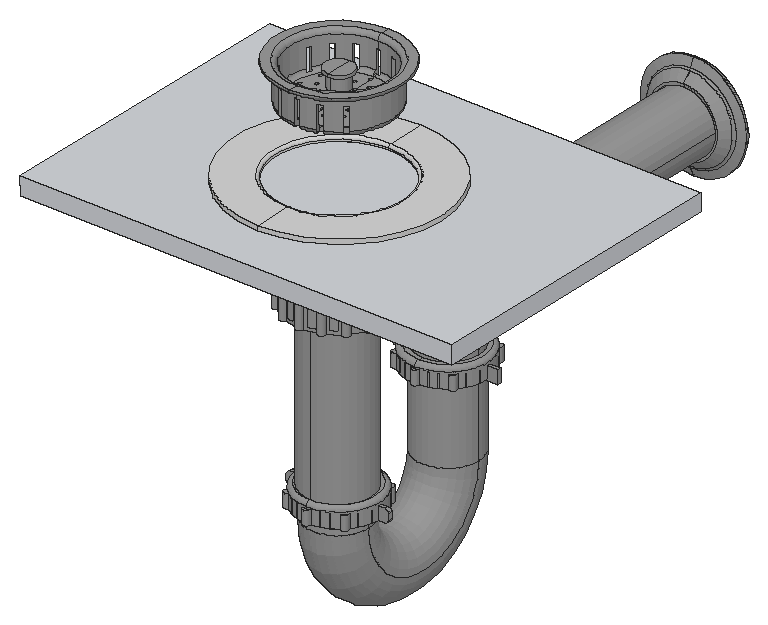
Revit family "45-CANASTILLA 4P CROMADO + SIFON EN P", category Aparatos sanitarios, Revit 2018
Family settings
  Anfitrión = Cara
  Cota de conector redondo = Diámetro de uso
  Tipo de pieza = Normal
  Número OmniClass = 23.45.55.21
  Título OmniClass = Drains (Wastes)
  Corte con vacíos al cargar = No
  Compartido = No
  Punto de cálculo de habitación = No
Parameters
  Vida útil unidad = ""
  Vida útil = ""
  URL = ""
  Tráfico = "Residencial"
  Tipo de Activo = "Fijo"
  Tamaño = "114 x 38 x 155,1"
  Responsable Garantías Partes = "www.corona.com.co"
  Requerimientos Accesibilidad = "Manual"
  Número Modelo = "935180001"
  Nombre del Fabricante = "Corona"
  Nombre = "Canastilla 4”"
  Model = ""
  Material de Fabricación = Plastico Corona plomería
  Material Acabado = Cromo-Corona
  Logitud Nominal = 155
  Información del producto = "https://www.grival.com/soluciones-para-agua/desagues-y-sifones/kits-lavamanos-y-lavaplatos/canastilla-para-lavaplatos-4-pulgadas-con-sifon-en-p-2/"
  Forma = "Cilíndrica"
  Fabricante = "www.corona.com.co"
  Default Elevation = 0 mm
  Diámetro de conexión sanitaria = "1 1/2\""
  Diámetro de conexión entrada = "Para pocetas de lavaplatos de 4 Pulg."
  Descripción IFC = "Canastilla 4” con sosco más sifón en P"
  Descripción = "Plumbing Fixtures"
  Código de montaje = "D2010"
  Cumplimiento de Norma = "Flujo mínimo de descarga 27l/min. cumple norma NTC 1644"
  Color = "Gris"
  Caudal = ""
  Características = "Resistente a la corrosión"
  Ancho Nominal = 38
  Altura Nominal = 130.9
  Acabado = "Brillante"
Reference planes
  plane 1 "Center (Front/Back)": y = 0
  plane 2: z = 0
  plane 3 "Center (Left/Right)": x = 0
  plane 4: y = 0.661
  plane 5: y = -0.661
  plane 6: x = 0
  plane 7: y = 0
  plane 8: y = -0.661
  plane 9: y = 0.661
  plane 10: y = 0
  plane 11 "Conexiones": y = 248.062
  plane 12: y = 37.781
  plane 13: y = 1
  plane 14: y = -1
  plane 15: y = 1
  plane 16: y = -1
  plane 17: y = 76.469
  plane 18: y = 74.469
  plane 19: z = -76.031
  plane 20: z = -223.567
  plane 21: y = -56.991
Forms (mm)
  Extrusion 1, solid
    sketch origin (0, 0, 0) x (1, 0, 0) y (0, 1, 0)
      loop
        line (-110.723, 90) -> (-110.723, -83.811) -> (129.852, -83.811) -> (129.852, 90) -> (-110.723, 90)
    from 0 to -9.713
  Revolve 2, solid, material "Plastico Corona plomería", detail levels medium+fine
    sketch origin (0, 0, 0) x (0, 1, 0) y (0, 0, 1)
      loop
        line (42, 0) -> (34.828, 0) -> (34.828, -14.055)
        arc (34.828, -14.055) -> (33.164, -18.071) -> (29.148, -19.734) r 5.679
        line (29.148, -19.734) -> (17.614, -19.734)
        arc (17.614, -19.734) -> (16.69, -20.117) -> (16.307, -21.042) r 1.307
        line (16.307, -21.042) -> (16.307, -38.863)
        arc (16.307, -38.863) -> (16.052, -39.479) -> (15.436, -39.734) r 0.871
        line (15.436, -39.734) -> (0, -39.734) -> (0, -155) -> (17.405, -155) -> (17.405, -43.601) -> (24.464, -31.373) -> (38.009, -26.443) -> (38.009, -22.996) -> (40.592, -20.414) -> (42, -12.426) -> (42.862, -12.426) -> (42.862, -7.535) -> (45.812, -2.426) -> (42, -2.426) -> (42, 0)
      axis (-1.25, 0) -> (-1.25, -155)
    angle from 0 to 360
  Revolve 3, solid, material "Plastico Corona plomería", detail levels medium+fine
    sketch origin (0, 0, 0) x (0, 1, 0) y (0, 0, 1)
      loop
        line (17.431, -46.374) -> (17.431, -62.878) -> (22.431, -62.878) -> (22.431, -61.588) -> (24.522, -61.588) -> (24.522, -59.654) -> (27.681, -59.654) -> (27.681, -46.374) -> (17.431, -46.374)
      axis (0, -46.374) -> (0, -62.878)
    angle from 0 to 360
  Extrusion 4, solid, material "Plastico Corona plomería", detail levels medium+fine
    sketch origin (0, 0, -46.374) x (0, 1, 0) y (-1, 0, 0)
      loop
        arc (24.623, 12.488) -> (22.889, 15.438) -> (20.804, 18.151) r 27.609
        arc (20.804, 18.151) -> (20.876, 21.012) -> (18.015, 21.017) r 2
        arc (18.015, 21.017) -> (15.231, 23.114) -> (12.207, 24.845) r 27.681
        arc (12.207, 24.845) -> (11.235, 27.408) -> (8.743, 26.264) r 1.876
        arc (8.743, 26.264) -> (4.754, 27.27) -> (0.661, 27.674) r 27.681
        line (0.661, 27.674) -> (0.661, 37.986) -> (-0.661, 37.986) -> (-0.661, 27.674)
        arc (-0.661, 27.674) -> (-4.754, 27.27) -> (-8.743, 26.264) r 27.681
        arc (-8.743, 26.264) -> (-11.235, 27.408) -> (-12.207, 24.845) r 1.876
        arc (-12.207, 24.845) -> (-15.231, 23.114) -> (-18.015, 21.017) r 27.681
        arc (-18.015, 21.017) -> (-20.876, 21.012) -> (-20.804, 18.151) r 2
        arc (-20.804, 18.151) -> (-22.889, 15.438) -> (-24.623, 12.488) r 27.609
        arc (-24.623, 12.488) -> (-27.372, 11.478) -> (-26.166, 8.809) r 2
        arc (-26.166, 8.809) -> (-27.088, 5.441) -> (-27.681, 2) r 36.121
        arc (-27.681, 2) -> (-29.681, 0) -> (-27.681, -2) r 2
        arc (-27.681, -2) -> (-27.079, -5.439) -> (-26.166, -8.809) r 38.365
        arc (-26.166, -8.809) -> (-27.372, -11.478) -> (-24.623, -12.488) r 2
        arc (-24.623, -12.488) -> (-22.889, -15.438) -> (-20.804, -18.151) r 27.609
        arc (-20.804, -18.151) -> (-20.876, -21.012) -> (-18.015, -21.017) r 2
        arc (-18.015, -21.017) -> (-15.231, -23.114) -> (-12.207, -24.845) r 27.681
        arc (-12.207, -24.845) -> (-11.235, -27.408) -> (-8.743, -26.264) r 1.876
        arc (-8.743, -26.264) -> (-4.754, -27.27) -> (-0.661, -27.674) r 27.681
        line (-0.661, -27.674) -> (-0.661, -37.986) -> (0.661, -37.986) -> (0.661, -27.674)
        arc (0.661, -27.674) -> (4.754, -27.27) -> (8.743, -26.264) r 27.681
        arc (8.743, -26.264) -> (11.235, -27.408) -> (12.207, -24.845) r 1.876
        arc (12.207, -24.845) -> (15.231, -23.114) -> (18.015, -21.017) r 27.681
        arc (18.015, -21.017) -> (20.876, -21.012) -> (20.804, -18.151) r 2
        arc (20.804, -18.151) -> (22.889, -15.438) -> (24.623, -12.488) r 27.609
        arc (24.623, -12.488) -> (27.372, -11.478) -> (26.166, -8.809) r 2
        arc (26.166, -8.809) -> (27.079, -5.439) -> (27.681, -2) r 38.365
        arc (27.681, -2) -> (29.681, 0) -> (27.681, 2) r 2
        arc (27.681, 2) -> (27.088, 5.441) -> (26.166, 8.809) r 36.121
        arc (26.166, 8.809) -> (27.372, 11.478) -> (24.623, 12.488) r 2
      loop
        circle (0, 0) r 26.87
    from -15.215 to 0
  Extrusion 5, void
    sketch origin (0, 0, 0) x (1, 0, 0) y (0, 0, 1)
      loop
        line (30, -46.374) -> (36.051, -53.563)
        arc (36.051, -53.563) -> (37.413, -55.842) -> (37.986, -58.435) r 8.298
        line (37.986, -58.435) -> (37.986, -61.502) -> (41.187, -61.502) -> (41.187, -46.374) -> (30, -46.374)
      loop
        line (-30, -46.374) -> (-41.187, -46.374) -> (-41.187, -61.502) -> (-37.986, -61.502) -> (-37.986, -58.435)
        arc (-37.986, -58.435) -> (-37.413, -55.842) -> (-36.051, -53.563) r 8.298
        line (-36.051, -53.563) -> (-30, -46.374)
    from -2.899 to 2.618
  Extrusion 6, solid, material "Cromo-Corona", detail levels medium+fine
    sketch origin (0.002, 0.148, 0) x (-1, 0, 0) y (0, 0, 1)
      loop
        line (45.812, -2.426) -> (42.862, -7.535) -> (42.862, -12.426) -> (45.812, -12.426) -> (45.812, -2.426)
    from -1.647 to 1.35
  Extrusion 7, solid, material "Cromo-Corona", detail levels medium+fine
    sketch origin (0.002, 0.148, 0) x (1, 0, 0) y (0, 0, -1)
      loop
        line (45.812, 2.426) -> (45.812, 12.426) -> (42.862, 12.426) -> (42.862, 7.535) -> (45.812, 2.426)
    from -1.647 to 1.35
  Extrusion 8, solid, material "Cromo-Corona", detail levels medium+fine
    sketch origin (-0.073, 0.128, 0) x (-0.866025, -0.5, 0) y (0, 0, 1)
      loop
        line (45.812, -2.426) -> (42.862, -7.535) -> (42.862, -12.426) -> (45.812, -12.426) -> (45.812, -2.426)
    from -1.647 to 1.35
  Extrusion 9, solid, material "Cromo-Corona", detail levels medium+fine
    sketch origin (-0.073, 0.128, 0) x (0.866025, 0.5, 0) y (0, 0, -1)
      loop
        line (45.812, 2.426) -> (45.812, 12.426) -> (42.862, 12.426) -> (42.862, 7.535) -> (45.812, 2.426)
    from -1.647 to 1.35
  Extrusion 10, solid, material "Cromo-Corona", detail levels medium+fine
    sketch origin (-0.127, 0.074, 0) x (-0.5, -0.866025, 0) y (0, 0, 1)
      loop
        line (45.812, -2.426) -> (42.862, -7.535) -> (42.862, -12.426) -> (45.812, -12.426) -> (45.812, -2.426)
    from -1.647 to 1.35
  Extrusion 11, solid, material "Cromo-Corona", detail levels medium+fine
    sketch origin (-0.127, 0.074, 0) x (0.5, 0.866025, 0) y (0, 0, -1)
      loop
        line (45.812, 2.426) -> (45.812, 12.426) -> (42.862, 12.426) -> (42.862, 7.535) -> (45.812, 2.426)
    from -1.647 to 1.35
  Extrusion 12, solid, material "Cromo-Corona", detail levels medium+fine
    sketch origin (-0.147, 0, 0) x (0, -1, 0) y (0, 0, 1)
      loop
        line (45.812, -2.426) -> (42.862, -7.535) -> (42.862, -12.426) -> (45.812, -12.426) -> (45.812, -2.426)
    from -1.647 to 1.35
  Extrusion 13, solid, material "Cromo-Corona", detail levels medium+fine
    sketch origin (-0.147, 0, 0) x (0, 1, 0) y (0, 0, -1)
      loop
        line (45.812, 2.426) -> (45.812, 12.426) -> (42.862, 12.426) -> (42.862, 7.535) -> (45.812, 2.426)
    from -1.647 to 1.35
  Extrusion 14, solid, material "Cromo-Corona", detail levels medium+fine
    sketch origin (-0.127, -0.074, 0) x (0.5, -0.866025, 0) y (0, 0, 1)
      loop
        line (45.812, -2.426) -> (42.862, -7.535) -> (42.862, -12.426) -> (45.812, -12.426) -> (45.812, -2.426)
    from -1.647 to 1.35
  Extrusion 15, solid, material "Cromo-Corona", detail levels medium+fine
    sketch origin (-0.127, -0.074, 0) x (-0.5, 0.866025, 0) y (0, 0, -1)
      loop
        line (45.812, 2.426) -> (45.812, 12.426) -> (42.862, 12.426) -> (42.862, 7.535) -> (45.812, 2.426)
    from -1.647 to 1.35
  Extrusion 16, solid, material "Cromo-Corona", detail levels medium+fine
    sketch origin (-0.073, -0.128, 0) x (0.866025, -0.5, 0) y (0, 0, 1)
      loop
        line (45.812, -2.426) -> (42.862, -7.535) -> (42.862, -12.426) -> (45.812, -12.426) -> (45.812, -2.426)
    from -1.647 to 1.35
  Extrusion 17, solid, material "Cromo-Corona", detail levels medium+fine
    sketch origin (-0.073, -0.128, 0) x (-0.866025, 0.5, 0) y (0, 0, -1)
      loop
        line (45.812, 2.426) -> (45.812, 12.426) -> (42.862, 12.426) -> (42.862, 7.535) -> (45.812, 2.426)
    from -1.647 to 1.35
  Sweep 18, solid, material "Plastico Corona plomería", detail levels medium+fine
    path origin (0, 0, 0) x (0, 1, 0) y (0, 0, 1)
      loop
        line (248.062, -76.25) -> (110.562, -76.25)
        arc (110.562, -76.25) -> (85.813, -86.501) -> (75.562, -111.25) r 35
        line (75.562, -111.25) -> (75.562, -167.219)
        arc (75.562, -167.219) -> (37.312, -205.469) -> (-0.938, -167.219) r 38.25
        line (-0.938, -167.219) -> (-0.938, -150)
    profile origin (0, 179.312, -76.25) x (0, 0, -1) y (1, 0, 0)
      loop
        circle (0, 0) r 17.432
  Revolve 19, solid, material "Plastico Corona plomería", detail levels medium+fine
    sketch origin (0, 0, 0) x (0, 1, 0) y (0, 0, 1)
      loop
        line (248.062, -58.59) -> (248.062, -46.588) -> (246.957, -46.588) -> (245.247, -51.286)
        arc (245.247, -51.286) -> (244.841, -51.923) -> (244.205, -52.329) r 1.744
        line (244.205, -52.329) -> (240.091, -57.165) -> (240.091, -58.59) -> (248.062, -58.59)
      axis (248.062, -76.318) -> (240.091, -76.318)
    angle from 0 to 360
  Revolve 20, solid, material "Plastico Corona plomería", detail levels medium+fine
    sketch origin (0, 0, 0) x (0, 1, 0) y (0, 0, 1)
      loop
        line (0, -150.67) -> (0, -161.405) -> (22.617, -161.405) -> (22.617, -153.052)
        arc (22.617, -153.052) -> (21.919, -151.368) -> (20.234, -150.67) r 2.383
        line (20.234, -150.67) -> (0, -150.67)
      axis (0, -150.67) -> (0, -161.405)
    angle from 0 to 360
  Extrusion 21, solid, material "Plastico Corona plomería", detail levels medium+fine
    sketch origin (0, 0, -154.034) x (0, 1, 0) y (-1, 0, 0)
      loop
        arc (17.276, 14.459) -> (17.407, 17.407) -> (14.459, 17.276) r 2
        arc (14.459, 17.276) -> (8.16, 20.998) -> (1, 22.506) r 22.528
        line (1, 22.506) -> (1, 29.01) -> (-1, 29.01) -> (-1, 22.506)
        arc (-1, 22.506) -> (-8.16, 20.998) -> (-14.459, 17.276) r 22.528
        arc (-14.459, 17.276) -> (-17.407, 17.407) -> (-17.276, 14.459) r 2
        arc (-17.276, 14.459) -> (-20.813, 8.621) -> (-22.44, 1.992) r 22.528
        arc (-22.44, 1.992) -> (-24.617, 0) -> (-22.44, -1.992) r 2
        arc (-22.44, -1.992) -> (-20.813, -8.621) -> (-17.276, -14.459) r 22.528
        arc (-17.276, -14.459) -> (-17.407, -17.407) -> (-14.459, -17.276) r 2
        arc (-14.459, -17.276) -> (-8.16, -20.998) -> (-1, -22.506) r 22.528
        line (-1, -22.506) -> (-1, -28.731) -> (1, -28.731) -> (1, -22.506)
        arc (1, -22.506) -> (8.16, -20.998) -> (14.459, -17.276) r 22.528
        arc (14.459, -17.276) -> (17.407, -17.407) -> (17.276, -14.459) r 2
        arc (17.276, -14.459) -> (20.813, -8.621) -> (22.44, -1.992) r 22.528
        arc (22.44, -1.992) -> (24.617, 0) -> (22.44, 1.992) r 2
        arc (22.44, 1.992) -> (20.813, 8.621) -> (17.276, 14.459) r 22.528
    from 0 to -7.372
  Extrusion 22, void
    sketch origin (0, 0, 0) x (1, 0, 0) y (0, 0, 1)
      loop
        line (-26.524, -154.034) -> (-26.524, -151.89) -> (-30.786, -151.89) -> (-30.786, -163.401) -> (-26.524, -163.401) -> (-26.524, -161.405)
        arc (-26.524, -161.405) -> (-29.095, -157.72) -> (-26.524, -154.034) r 3.928
    from -1.73 to 2.028
  Extrusion 23, void
    sketch origin (0, 0, 0) x (-1, 0, 0) y (0, 0, -1)
      loop
        arc (-26.524, 154.034) -> (-29.095, 157.72) -> (-26.524, 161.405) r 3.928
        line (-26.524, 161.405) -> (-26.524, 163.401) -> (-30.786, 163.401) -> (-30.786, 151.89) -> (-26.524, 151.89) -> (-26.524, 154.034)
    from -1.73 to 2.028
  Revolve 24, solid, material "Plastico Corona plomería", not visible, detail levels medium+fine
    sketch origin (0, 0, 0) x (0, 1, 0) y (0, 0, 1)
      loop
        line (0, -150.67) -> (0, -161.405) -> (22.617, -161.405) -> (22.617, -153.052)
        arc (22.617, -153.052) -> (21.919, -151.368) -> (20.234, -150.67) r 2.383
        line (20.234, -150.67) -> (0, -150.67)
      axis (0, -150.67) -> (0, -161.405)
    angle from 0 to 360
  Extrusion 25, solid, material "Plastico Corona plomería", not visible, detail levels medium+fine
    sketch origin (0, 0, -154.034) x (0, 1, 0) y (-1, 0, 0)
      loop
        arc (17.276, 14.459) -> (17.407, 17.407) -> (14.459, 17.276) r 2
        arc (14.459, 17.276) -> (8.16, 20.998) -> (1, 22.506) r 22.528
        line (1, 22.506) -> (1, 29.01) -> (-1, 29.01) -> (-1, 22.506)
        arc (-1, 22.506) -> (-8.16, 20.998) -> (-14.459, 17.276) r 22.528
        arc (-14.459, 17.276) -> (-17.407, 17.407) -> (-17.276, 14.459) r 2
        arc (-17.276, 14.459) -> (-20.813, 8.621) -> (-22.44, 1.992) r 22.528
        arc (-22.44, 1.992) -> (-24.617, 0) -> (-22.44, -1.992) r 2
        arc (-22.44, -1.992) -> (-20.813, -8.621) -> (-17.276, -14.459) r 22.528
        arc (-17.276, -14.459) -> (-17.407, -17.407) -> (-14.459, -17.276) r 2
        arc (-14.459, -17.276) -> (-8.16, -20.998) -> (-1, -22.506) r 22.528
        line (-1, -22.506) -> (-1, -28.731) -> (1, -28.731) -> (1, -22.506)
        arc (1, -22.506) -> (8.16, -20.998) -> (14.459, -17.276) r 22.528
        arc (14.459, -17.276) -> (17.407, -17.407) -> (17.276, -14.459) r 2
        arc (17.276, -14.459) -> (20.813, -8.621) -> (22.44, -1.992) r 22.528
        arc (22.44, -1.992) -> (24.617, 0) -> (22.44, 1.992) r 2
        arc (22.44, 1.992) -> (20.813, 8.621) -> (17.276, 14.459) r 22.528
    from 0 to -7.372
  Revolve 26, solid, material "Plastico Corona plomería", detail levels medium+fine
    sketch origin (0, 75.469, 36.875) x (0, 1, 0) y (0, 0, 1)
      loop
        line (0, -150.67) -> (0, -161.405) -> (22.617, -161.405) -> (22.617, -153.052)
        arc (22.617, -153.052) -> (21.919, -151.368) -> (20.234, -150.67) r 2.383
        line (20.234, -150.67) -> (0, -150.67)
      axis (0, -150.67) -> (0, -161.405)
    angle from 0 to 360
  Extrusion 27, solid, material "Plastico Corona plomería", detail levels medium+fine
    sketch origin (0, 75.469, -117.159) x (0, 1, 0) y (-1, 0, 0)
      loop
        arc (17.276, 14.459) -> (17.407, 17.407) -> (14.459, 17.276) r 2
        arc (14.459, 17.276) -> (8.16, 20.998) -> (1, 22.506) r 22.528
        line (1, 22.506) -> (1, 29.01) -> (-1, 29.01) -> (-1, 22.506)
        arc (-1, 22.506) -> (-8.16, 20.998) -> (-14.459, 17.276) r 22.528
        arc (-14.459, 17.276) -> (-17.407, 17.407) -> (-17.276, 14.459) r 2
        arc (-17.276, 14.459) -> (-20.813, 8.621) -> (-22.44, 1.992) r 22.528
        arc (-22.44, 1.992) -> (-24.617, 0) -> (-22.44, -1.992) r 2
        arc (-22.44, -1.992) -> (-20.813, -8.621) -> (-17.276, -14.459) r 22.528
        arc (-17.276, -14.459) -> (-17.407, -17.407) -> (-14.459, -17.276) r 2
        arc (-14.459, -17.276) -> (-8.16, -20.998) -> (-1, -22.506) r 22.528
        line (-1, -22.506) -> (-1, -28.731) -> (1, -28.731) -> (1, -22.506)
        arc (1, -22.506) -> (8.16, -20.998) -> (14.459, -17.276) r 22.528
        arc (14.459, -17.276) -> (17.407, -17.407) -> (17.276, -14.459) r 2
        arc (17.276, -14.459) -> (20.813, -8.621) -> (22.44, -1.992) r 22.528
        arc (22.44, -1.992) -> (24.617, 0) -> (22.44, 1.992) r 2
        arc (22.44, 1.992) -> (20.813, 8.621) -> (17.276, 14.459) r 22.528
    from 0 to -7.372
  Revolve 28, solid, material "Plastico Corona plomería", detail levels medium+fine
    sketch origin (0, 0, 15.447) x (0, 1, 0) y (0, 0, 1)
      loop
        arc (33.44, 43.196) -> (34.559, 43.763) -> (34.764, 45) r 1.388
        line (34.764, 45) -> (29.828, 45)
        arc (29.828, 45) -> (28.029, 44.255) -> (27.284, 42.456) r 2.544
        line (27.284, 42.456) -> (27.284, 27.456)
        arc (27.284, 27.456) -> (26.615, 25.841) -> (25, 25.172) r 2.284
        line (25, 25.172) -> (2.862, 25.172) -> (2.862, 31.307) -> (5.669, 31.307) -> (5.669, 39.436) -> (7.658, 39.436) -> (7.658, 41.028) -> (0, 41.028) -> (0, 18.955) -> (2.862, 18.955) -> (2.862, 23.196) -> (27.284, 23.196)
        arc (27.284, 23.196) -> (28.659, 23.766) -> (29.148, 25.172) r 1.819
        line (29.148, 25.172) -> (29.148, 41.724)
        arc (29.148, 41.724) -> (29.58, 42.765) -> (30.621, 43.196) r 1.472
        line (30.621, 43.196) -> (33.44, 43.196)
      axis (0, 45) -> (0, 18.955)
    angle from 0 to 360
  Extrusion 29, void
    sketch origin (0, 0, 15.447) x (0, 1, 0) y (0, 0, 1)
      loop
        line (30.017, 38.053) -> (26.405, 38.053) -> (26.405, 22.313) -> (30.017, 22.313) -> (30.017, 38.053)
    from -1.558 to 1.551
  Extrusion 30, void
    sketch origin (0, 0, 15.447) x (0, -1, 0) y (0, 0, -1)
      loop
        line (30.017, -38.053) -> (30.017, -22.313) -> (26.405, -22.313) -> (26.405, -38.053) -> (30.017, -38.053)
    from -1.558 to 1.551
  Extrusion 31, void
    sketch origin (0, 0.001, 15.447) x (-0.382683, 0.92388, 0) y (0, 0, 1)
      loop
        line (30.017, 38.053) -> (26.405, 38.053) -> (26.405, 22.313) -> (30.017, 22.313) -> (30.017, 38.053)
    from -1.558 to 1.551
  Extrusion 32, void
    sketch origin (0, 0.001, 15.447) x (0.382683, -0.92388, 0) y (0, 0, -1)
      loop
        line (30.017, -38.053) -> (30.017, -22.313) -> (26.405, -22.313) -> (26.405, -38.053) -> (30.017, -38.053)
    from -1.558 to 1.551
  Extrusion 33, void
    sketch origin (-0.001, 0.002, 15.447) x (-0.707107, 0.707107, 0) y (0, 0, 1)
      loop
        line (30.017, 38.053) -> (26.405, 38.053) -> (26.405, 22.313) -> (30.017, 22.313) -> (30.017, 38.053)
    from -1.558 to 1.551
  Extrusion 34, void
    sketch origin (-0.001, 0.002, 15.447) x (0.707107, -0.707107, 0) y (0, 0, -1)
      loop
        line (30.017, -38.053) -> (30.017, -22.313) -> (26.405, -22.313) -> (26.405, -38.053) -> (30.017, -38.053)
    from -1.558 to 1.551
  Extrusion 35, void
    sketch origin (-0.002, 0.003, 15.447) x (-0.92388, 0.382683, 0) y (0, 0, 1)
      loop
        line (30.017, 38.053) -> (26.405, 38.053) -> (26.405, 22.313) -> (30.017, 22.313) -> (30.017, 38.053)
    from -1.558 to 1.551
  Extrusion 36, void
    sketch origin (-0.002, 0.003, 15.447) x (0.92388, -0.382683, 0) y (0, 0, -1)
      loop
        line (30.017, -38.053) -> (30.017, -22.313) -> (26.405, -22.313) -> (26.405, -38.053) -> (30.017, -38.053)
    from -1.558 to 1.551
  Extrusion 37, void
    sketch origin (0, 0.001, 15.447) x (0.382683, 0.92388, 0) y (0, 0, -1)
      loop
        line (30.017, -38.053) -> (30.017, -22.313) -> (26.405, -22.313) -> (26.405, -38.053) -> (30.017, -38.053)
    from -1.558 to 1.551
  Extrusion 38, void
    sketch origin (0.001, 0.002, 15.447) x (0.707107, 0.707107, 0) y (0, 0, -1)
      loop
        line (30.017, -38.053) -> (30.017, -22.313) -> (26.405, -22.313) -> (26.405, -38.053) -> (30.017, -38.053)
    from -1.558 to 1.551
  Extrusion 39, void
    sketch origin (0.002, 0.003, 15.447) x (0.92388, 0.382683, 0) y (0, 0, -1)
      loop
        line (30.017, -38.053) -> (30.017, -22.313) -> (26.405, -22.313) -> (26.405, -38.053) -> (30.017, -38.053)
    from -1.558 to 1.551
  Extrusion 40, void
    sketch origin (0.002, 0.003, 15.447) x (-0.92388, -0.382683, 0) y (0, 0, 1)
      loop
        line (30.017, 38.053) -> (26.405, 38.053) -> (26.405, 22.313) -> (30.017, 22.313) -> (30.017, 38.053)
    from -1.558 to 1.551
  Extrusion 41, void
    sketch origin (0.001, 0.002, 15.447) x (-0.707107, -0.707107, 0) y (0, 0, 1)
      loop
        line (30.017, 38.053) -> (26.405, 38.053) -> (26.405, 22.313) -> (30.017, 22.313) -> (30.017, 38.053)
    from -1.558 to 1.551
  Extrusion 42, void
    sketch origin (0, 0.001, 15.447) x (-0.382683, -0.92388, 0) y (0, 0, 1)
      loop
        line (30.017, 38.053) -> (26.405, 38.053) -> (26.405, 22.313) -> (30.017, 22.313) -> (30.017, 38.053)
    from -1.558 to 1.551
  Extrusion 43, void
    sketch origin (0, 160.391, -140.656) x (0, 1, 0) y (-1, 0, 0)
      loop
        circle (-138.4, 0) r 1
      loop
        circle (-141.346, 10.995) r 1
      loop
        circle (-149.395, 19.044) r 1
      loop
        circle (-160.391, 21.991) r 1
      loop
        circle (-171.386, 19.044) r 1
      loop
        circle (-179.435, 10.995) r 1
      loop
        circle (-182.381, 0) r 1
      loop
        circle (-179.435, -10.995) r 1
      loop
        circle (-171.386, -19.044) r 1
      loop
        circle (-160.391, -21.991) r 1
      loop
        circle (-149.395, -19.044) r 1
      loop
        circle (-141.346, -10.995) r 1
      loop
        circle (-144.607, -4.229) r 1
      loop
        circle (-148.836, -11.555) r 1
      loop
        circle (-156.161, -15.784) r 1
      loop
        circle (-164.62, -15.784) r 1
      loop
        circle (-171.945, -11.555) r 1
      loop
        circle (-176.175, -4.229) r 1
      loop
        circle (-176.175, 4.229) r 1
      loop
        circle (-171.945, 11.555) r 1
      loop
        circle (-164.62, 15.784) r 1
      loop
        circle (-156.161, 15.784) r 1
      loop
        circle (-148.836, 11.555) r 1
      loop
        circle (-144.607, 4.229) r 1
      loop
        circle (-149.551, 0) r 1
      loop
        circle (-151.004, -5.42) r 1
      loop
        circle (-154.971, -9.387) r 1
      loop
        circle (-160.391, -10.839) r 1
      loop
        circle (-165.81, -9.387) r 1
      loop
        circle (-169.778, -5.42) r 1
      loop
        circle (-171.23, 0) r 1
      loop
        circle (-169.778, 5.42) r 1
      loop
        circle (-165.81, 9.387) r 1
      loop
        circle (-160.391, 10.839) r 1
      loop
        circle (-154.971, 9.387) r 1
      loop
        circle (-151.004, 5.42) r 1
    from 175.058 to 184.034
  Revolve 44, solid, material "Plastico Corona plomería", not visible, detail levels medium+fine
    sketch origin (0, -160.391, 2.07) x (0, 1, 0) y (0, 0, 1)
      loop
        arc (33.44, 43.196) -> (34.559, 43.763) -> (34.764, 45) r 1.388
        line (34.764, 45) -> (29.828, 45)
        arc (29.828, 45) -> (28.029, 44.255) -> (27.284, 42.456) r 2.544
        line (27.284, 42.456) -> (27.284, 27.456)
        arc (27.284, 27.456) -> (26.615, 25.841) -> (25, 25.172) r 2.284
        line (25, 25.172) -> (2.862, 25.172) -> (2.862, 31.307) -> (5.669, 31.307) -> (5.669, 39.436) -> (7.658, 39.436) -> (7.658, 41.028) -> (0, 41.028) -> (0, 18.955) -> (2.862, 18.955) -> (2.862, 23.196) -> (27.284, 23.196)
        arc (27.284, 23.196) -> (28.659, 23.766) -> (29.148, 25.172) r 1.819
        line (29.148, 25.172) -> (29.148, 41.724)
        arc (29.148, 41.724) -> (29.58, 42.765) -> (30.621, 43.196) r 1.472
        line (30.621, 43.196) -> (33.44, 43.196)
      axis (0, 45) -> (0, 18.955)
    angle from 0 to 360
  Extrusion 45, void, not visible
    sketch origin (0, -160.391, 2.07) x (0, 1, 0) y (0, 0, 1)
      loop
        line (30.017, 38.053) -> (26.405, 38.053) -> (26.405, 22.313) -> (30.017, 22.313) -> (30.017, 38.053)
    from -1.558 to 1.551
  Extrusion 46, void, not visible
    sketch origin (0, -160.391, 2.07) x (0, -1, 0) y (0, 0, -1)
      loop
        line (30.017, -38.053) -> (30.017, -22.313) -> (26.405, -22.313) -> (26.405, -38.053) -> (30.017, -38.053)
    from -1.558 to 1.551
  Extrusion 47, void, not visible
    sketch origin (0, -160.389, 2.07) x (-0.382683, 0.92388, 0) y (0, 0, 1)
      loop
        line (30.017, 38.053) -> (26.405, 38.053) -> (26.405, 22.313) -> (30.017, 22.313) -> (30.017, 38.053)
    from -1.558 to 1.551
  Extrusion 48, void, not visible
    sketch origin (0, -160.389, 2.07) x (0.382683, -0.92388, 0) y (0, 0, -1)
      loop
        line (30.017, -38.053) -> (30.017, -22.313) -> (26.405, -22.313) -> (26.405, -38.053) -> (30.017, -38.053)
    from -1.558 to 1.551
  Extrusion 49, void, not visible
    sketch origin (-0.001, -160.388, 2.07) x (-0.707107, 0.707107, 0) y (0, 0, 1)
      loop
        line (30.017, 38.053) -> (26.405, 38.053) -> (26.405, 22.313) -> (30.017, 22.313) -> (30.017, 38.053)
    from -1.558 to 1.551
  Extrusion 50, void, not visible
    sketch origin (-0.001, -160.388, 2.07) x (0.707107, -0.707107, 0) y (0, 0, -1)
      loop
        line (30.017, -38.053) -> (30.017, -22.313) -> (26.405, -22.313) -> (26.405, -38.053) -> (30.017, -38.053)
    from -1.558 to 1.551
  Extrusion 51, void, not visible
    sketch origin (-0.002, -160.388, 2.07) x (-0.92388, 0.382683, 0) y (0, 0, 1)
      loop
        line (30.017, 38.053) -> (26.405, 38.053) -> (26.405, 22.313) -> (30.017, 22.313) -> (30.017, 38.053)
    from -1.558 to 1.551
  Extrusion 52, void, not visible
    sketch origin (-0.002, -160.388, 2.07) x (0.92388, -0.382683, 0) y (0, 0, -1)
      loop
        line (30.017, -38.053) -> (30.017, -22.313) -> (26.405, -22.313) -> (26.405, -38.053) -> (30.017, -38.053)
    from -1.558 to 1.551
  Extrusion 53, void, not visible
    sketch origin (0, -160.389, 2.07) x (0.382683, 0.92388, 0) y (0, 0, -1)
      loop
        line (30.017, -38.053) -> (30.017, -22.313) -> (26.405, -22.313) -> (26.405, -38.053) -> (30.017, -38.053)
    from -1.558 to 1.551
  Extrusion 54, void, not visible
    sketch origin (0.001, -160.388, 2.07) x (0.707107, 0.707107, 0) y (0, 0, -1)
      loop
        line (30.017, -38.053) -> (30.017, -22.313) -> (26.405, -22.313) -> (26.405, -38.053) -> (30.017, -38.053)
    from -1.558 to 1.551
  Extrusion 55, void, not visible
    sketch origin (0.002, -160.388, 2.07) x (0.92388, 0.382683, 0) y (0, 0, -1)
      loop
        line (30.017, -38.053) -> (30.017, -22.313) -> (26.405, -22.313) -> (26.405, -38.053) -> (30.017, -38.053)
    from -1.558 to 1.551
  Extrusion 56, void, not visible
    sketch origin (0.002, -160.388, 2.07) x (-0.92388, -0.382683, 0) y (0, 0, 1)
      loop
        line (30.017, 38.053) -> (26.405, 38.053) -> (26.405, 22.313) -> (30.017, 22.313) -> (30.017, 38.053)
    from -1.558 to 1.551
  Extrusion 57, void, not visible
    sketch origin (0.001, -160.388, 2.07) x (-0.707107, -0.707107, 0) y (0, 0, 1)
      loop
        line (30.017, 38.053) -> (26.405, 38.053) -> (26.405, 22.313) -> (30.017, 22.313) -> (30.017, 38.053)
    from -1.558 to 1.551
  Extrusion 58, void, not visible
    sketch origin (0, -160.389, 2.07) x (-0.382683, -0.92388, 0) y (0, 0, 1)
      loop
        line (30.017, 38.053) -> (26.405, 38.053) -> (26.405, 22.313) -> (30.017, 22.313) -> (30.017, 38.053)
    from -1.558 to 1.551
  Extrusion 59, void, not visible
    sketch origin (0, 0, -154.034) x (0, 1, 0) y (-1, 0, 0)
      loop
        circle (-138.4, 0) r 1
      loop
        circle (-141.346, 10.995) r 1
      loop
        circle (-149.395, 19.044) r 1
      loop
        circle (-160.391, 21.991) r 1
      loop
        circle (-171.386, 19.044) r 1
      loop
        circle (-179.435, 10.995) r 1
      loop
        circle (-182.381, 0) r 1
      loop
        circle (-179.435, -10.995) r 1
      loop
        circle (-171.386, -19.044) r 1
      loop
        circle (-160.391, -21.991) r 1
      loop
        circle (-149.395, -19.044) r 1
      loop
        circle (-141.346, -10.995) r 1
      loop
        circle (-144.607, -4.229) r 1
      loop
        circle (-148.836, -11.555) r 1
      loop
        circle (-156.161, -15.784) r 1
      loop
        circle (-164.62, -15.784) r 1
      loop
        circle (-171.945, -11.555) r 1
      loop
        circle (-176.175, -4.229) r 1
      loop
        circle (-176.175, 4.229) r 1
      loop
        circle (-171.945, 11.555) r 1
      loop
        circle (-164.62, 15.784) r 1
      loop
        circle (-156.161, 15.784) r 1
      loop
        circle (-148.836, 11.555) r 1
      loop
        circle (-144.607, 4.229) r 1
      loop
        circle (-149.551, 0) r 1
      loop
        circle (-151.004, -5.42) r 1
      loop
        circle (-154.971, -9.387) r 1
      loop
        circle (-160.391, -10.839) r 1
      loop
        circle (-165.81, -9.387) r 1
      loop
        circle (-169.778, -5.42) r 1
      loop
        circle (-171.23, 0) r 1
      loop
        circle (-169.778, 5.42) r 1
      loop
        circle (-165.81, 9.387) r 1
      loop
        circle (-160.391, 10.839) r 1
      loop
        circle (-154.971, 9.387) r 1
      loop
        circle (-151.004, 5.42) r 1
    from 175.058 to 184.034
  Revolve 60, solid, material "Cromo-Corona", detail levels medium+fine
    sketch origin (0, 0, 0) x (0, 1, 0) y (0, 0, 1)
      loop
        line (57, 0) -> (57, 2.5) -> (36.33, 2.5)
        arc (36.33, 2.5) -> (35.268, 2.06) -> (34.828, 0.997) r 1.503
        line (34.828, 0.997) -> (34.828, 0) -> (57, 0)
      axis (0.004, 2.5) -> (0.004, 0)
    angle from 0 to 360
  Extrusion 61, solid, material "Vidrio", detail levels coarse
    sketch origin (0, 0, 0) x (1, 0, 0) y (0, 1, 0)
      loop
        line (-56.558, 248.062) -> (-56.558, -56.938) -> (56.638, -56.938) -> (56.638, 248.062) -> (-56.558, 248.062)
    from 2.5 to -222.575
Cuts and joins
  Extrusion 5 cuts Extrusion 4
  Extrusion 22, Extrusion 23 cuts Extrusion 21
  Extrusion 29, Extrusion 30, Extrusion 31, Extrusion 32, Extrusion 33, Extrusion 34, Extrusion 35, Extrusion 37, Extrusion 38, Extrusion 39, Extrusion 40, Extrusion 42, Extrusion 43 cuts Revolve 28
Lines and regions (mm)
  symbolic lines, not visible, detail levels fine
    curve 1: line (123.544, -93.571, 0) -> (117.5, -93.571, 0)
    curve 2: line (123.544, -78.861, 0) -> (117.5, -78.861, 0)
    curve 3: line (43.732, -73.023, 0) -> (48.933, -72.601, 0)
    curve 4: line (48.933, -99.831, 0) -> (43.732, -99.408, 0)
    curve 5: line (47.354, -71.693, 0) -> (130.699, -79.4, 0)
    curve 6: line (130.699, -93.032, 0) -> (47.354, -100.738, 0)
    curve 7: line (28.059, -67.475, 0) -> (43.538, -70.417, 0)
    curve 8: line (43.538, -102.014, 0) -> (28.059, -104.957, 0)
    curve 9: line (123.544, -93.571, 0) -> (126.243, -93.181, 0)
    curve 10: line (126.243, -79.251, 0) -> (123.544, -78.861, 0)
    curve 11: line (39.082, -98.159, 0) -> (39.082, -74.273, 0)
    curve 12: line (43.151, -70.344, 0) -> (43.151, -102.088, 0)
    curve 13: line (35.587, -86.216, 0) -> (65.659, -86.216, 0)
    curve 14: line (65.659, -86.216, 0) -> (35.587, -86.216, 0)
    curve 15: line (43.732, -73.023, 0) -> (43.732, -99.408, 0)
    curve 16: line (133.805, -86.216, 0) -> (127.594, -86.216, 0)
    curve 17: line (127.594, -86.216, 0) -> (133.805, -86.216, 0)
    curve 18: line (28.059, -67.475, 0) -> (28.059, -104.957, 0)
    curve 19: line (48.933, -99.831, 0) -> (48.933, -72.601, 0)
  symbolic lines, not visible, detail levels medium
    curve 20: line (43.151, -15.872, 0) -> (43.151, 15.872, 0)
    curve 21: line (43.538, 15.798, 0) -> (47.354, 14.522, 0)
    curve 22: line (47.354, 14.522, 0) -> (117.5, 7.355, 0)
    curve 23: line (117.5, 7.355, 0) -> (123.544, 7.355, 0)
    curve 24: line (123.544, 7.355, 0) -> (126.243, 6.965, 0)
    curve 25: line (126.243, 6.965, 0) -> (130.699, 6.816, 0)
    curve 26: line (130.699, 6.816, 0) -> (130.699, -6.816, 0)
    curve 27: line (130.699, -6.816, 0) -> (126.243, -6.965, 0)
    curve 28: line (126.243, -6.965, 0) -> (123.544, -7.355, 0)
    curve 29: line (123.544, -7.355, 0) -> (117.5, -7.355, 0)
    curve 30: line (117.5, -7.355, 0) -> (47.354, -14.522, 0)
    curve 31: line (47.354, -14.522, 0) -> (43.538, -15.798, 0)
  symbolic lines, not visible, detail levels coarse
    curve 32: line (0, 68.042, 0) -> (133.805, 68.042, 0)
    curve 33: line (133.805, 68.042, 0) -> (133.805, 117.031, 0)
    curve 34: line (133.805, 117.031, 0) -> (0, 117.031, 0)
    curve 35: line (0, 117.031, 0) -> (0, 68.042, 0)
  symbolic lines, detail levels coarse
    curve 36: line (0, 24.464, 0) -> (0, -21.713, 0)
    curve 37: line (23.213, 0, 0) -> (-23.29, 0, 0)
    curve 38: line (0, -93.204, 0) -> (0, 23.444, 0)
    curve 131: line (-56.996, 0, 2.5) -> (57.064, 0, 2.5)
    curve 132: line (-56.996, 0, -222.85) -> (-56.996, 0, 2.5)
    curve 133: line (57.064, 0, -222.85) -> (-56.996, 0, -222.85)
    curve 134: line (57.064, 0, 2.5) -> (57.064, 0, -222.85)
    curve 216: line (0, 248.062, 2.187) -> (0, -56.991, 2.187)
    curve 217: line (0, 248.062, -223.567) -> (0, 248.062, 2.187)
    curve 218: line (0, -56.991, -223.567) -> (0, 248.062, -223.567)
    curve 219: line (0, -56.991, 2.187) -> (0, -56.991, -223.567)
  symbolic lines, detail levels medium+fine
    curve 39: line (-34.764, 0, 60.447) -> (34.764, 0, 60.447)
    curve 40: arc (34.764, 0, 60.447) -> (34.583, 0, 59.207) -> (33.459, 0, 58.651) r 1.348
    curve 41: line (33.459, 0, 58.651) -> (-33.362, 0, 58.651)
    curve 42: arc (-33.362, 0, 58.651) -> (-34.501, 0, 59.207) -> (-34.764, 0, 60.447) r 1.445
    curve 43: arc (-30.408, 0, 58.651) -> (-29.517, 0, 58.143) -> (-29.171, 0, 57.177) r 1.48
    curve 44: line (-29.171, 0, 57.177) -> (-29.171, 0, 40.619)
    curve 45: arc (-29.171, 0, 40.619) -> (-28.664, 0, 39.297) -> (-27.403, 0, 38.655) r 1.975
    curve 46: line (-27.403, 0, 38.655) -> (27.597, 0, 38.655)
    curve 47: arc (27.597, 0, 38.655) -> (28.849, 0, 39.261) -> (29.148, 0, 40.619) r 1.594
    curve 48: line (29.148, 0, 40.619) -> (29.148, 0, 57.182)
    curve 49: arc (29.148, 0, 57.182) -> (29.483, 0, 58.127) -> (30.338, 0, 58.651) r 1.502
    curve 50: line (-2.923, 0, 38.655) -> (-2.923, 0, 34.402)
    curve 51: line (-2.923, 0, 34.402) -> (2.862, 0, 34.402)
    curve 52: line (2.862, 0, 34.402) -> (2.862, 0, 38.655)
    curve 53: spline (21.679, 0, 40.621) -> (21.682, 0, 40.352) -> (21.656, 0, 40.085) -> (21.603, 0, 39.827) -> (21.524, 0, 39.583) -> (21.42, 0, 39.358) -> (21.294, 0, 39.157) -> (21.148, 0, 38.984) -> (20.985, 0, 38.844) -> (20.81, 0, 38.739) -> (20.626, 0, 38.672) -> (20.437, 0, 38.643) -> (20.247, 0, 38.655)
    curve 54: line (21.679, 0, 53.5) -> (21.679, 0, 40.621)
    curve 55: line (21.679, 0, 53.5) -> (19.481, 0, 53.5)
    curve 56: line (19.481, 0, 40.621) -> (19.481, 0, 53.5)
    curve 57: spline (18.048, 0, 38.655) -> (18.238, 0, 38.643) -> (18.428, 0, 38.672) -> (18.612, 0, 38.739) -> (18.787, 0, 38.844) -> (18.949, 0, 38.984) -> (19.095, 0, 39.157) -> (19.221, 0, 39.358) -> (19.325, 0, 39.583) -> (19.405, 0, 39.827) -> (19.458, 0, 40.085) -> (19.483, 0, 40.352) -> (19.481, 0, 40.621)
    curve 58: line (12.572, 0, 53.5) -> (12.572, 0, 40.621)
    curve 59: spline (12.572, 0, 40.621) -> (12.574, 0, 40.352) -> (12.56, 0, 40.085) -> (12.531, 0, 39.827) -> (12.488, 0, 39.583) -> (12.432, 0, 39.358) -> (12.363, 0, 39.157) -> (12.284, 0, 38.984) -> (12.197, 0, 38.844) -> (12.102, 0, 38.739) -> (12.002, 0, 38.672) -> (11.9, 0, 38.643) -> (11.797, 0, 38.655)
    curve 60: spline (8.925, 0, 38.655) -> (9.027, 0, 38.643) -> (9.13, 0, 38.672) -> (9.229, 0, 38.739) -> (9.324, 0, 38.844) -> (9.412, 0, 38.984) -> (9.491, 0, 39.157) -> (9.559, 0, 39.358) -> (9.616, 0, 39.583) -> (9.659, 0, 39.827) -> (9.687, 0, 40.085) -> (9.701, 0, 40.352) -> (9.7, 0, 40.621)
    curve 61: line (9.7, 0, 40.621) -> (9.7, 0, 53.5)
    curve 62: line (12.572, 0, 53.5) -> (9.7, 0, 53.5)
    curve 63: line (1.551, 0, 38.655) -> (1.551, 0, 53.5)
    curve 64: line (1.551, 0, 53.5) -> (-1.558, 0, 53.5)
    curve 65: line (-1.558, 0, 53.5) -> (-1.558, 0, 38.655)
    curve 66: line (-9.7, 0, 53.5) -> (-9.7, 0, 40.621)
    curve 67: spline (-9.7, 0, 40.621) -> (-9.701, 0, 40.352) -> (-9.687, 0, 40.085) -> (-9.659, 0, 39.827) -> (-9.616, 0, 39.583) -> (-9.559, 0, 39.358) -> (-9.491, 0, 39.157) -> (-9.412, 0, 38.984) -> (-9.324, 0, 38.844) -> (-9.229, 0, 38.739) -> (-9.13, 0, 38.672) -> (-9.027, 0, 38.643) -> (-8.925, 0, 38.655)
    curve 68: spline (-11.797, 0, 38.655) -> (-11.9, 0, 38.643) -> (-12.002, 0, 38.672) -> (-12.102, 0, 38.739) -> (-12.197, 0, 38.844) -> (-12.284, 0, 38.984) -> (-12.363, 0, 39.157) -> (-12.432, 0, 39.358) -> (-12.488, 0, 39.583) -> (-12.531, 0, 39.827) -> (-12.56, 0, 40.085) -> (-12.574, 0, 40.352) -> (-12.572, 0, 40.621)
    curve 69: line (-12.572, 0, 40.621) -> (-12.572, 0, 53.5)
    curve 70: line (-9.7, 0, 53.5) -> (-12.572, 0, 53.5)
    curve 71: spline (-26.296, 0, 40.621) -> (-26.299, 0, 40.352) -> (-26.266, 0, 40.085) -> (-26.196, 0, 39.827) -> (-26.093, 0, 39.583) -> (-25.957, 0, 39.358) -> (-25.792, 0, 39.157) -> (-25.601, 0, 38.984) -> (-25.389, 0, 38.844) -> (-25.16, 0, 38.739) -> (-24.92, 0, 38.672) -> (-24.673, 0, 38.643) -> (-24.424, 0, 38.655)
    curve 72: spline (-25.614, 0, 38.655) -> (-25.863, 0, 38.643) -> (-26.11, 0, 38.672) -> (-26.35, 0, 38.739) -> (-26.579, 0, 38.844) -> (-26.791, 0, 38.984) -> (-26.982, 0, 39.157) -> (-27.147, 0, 39.358) -> (-27.282, 0, 39.583) -> (-27.386, 0, 39.827) -> (-27.456, 0, 40.085) -> (-27.489, 0, 40.352) -> (-27.486, 0, 40.621)
    curve 73: line (-27.486, 0, 40.621) -> (-27.486, 0, 53.5)
    curve 74: line (-26.296, 0, 53.5) -> (-27.486, 0, 53.5)
    curve 75: line (-26.296, 0, 53.5) -> (-26.296, 0, 40.621)
    curve 76: line (27.403, 0, 38.655) -> (-27.403, 0, 38.655)
    curve 77: spline (-21.679, 0, 40.621) -> (-21.682, 0, 40.352) -> (-21.656, 0, 40.085) -> (-21.603, 0, 39.827) -> (-21.524, 0, 39.583) -> (-21.42, 0, 39.358) -> (-21.294, 0, 39.157) -> (-21.148, 0, 38.984) -> (-20.985, 0, 38.844) -> (-20.81, 0, 38.739) -> (-20.626, 0, 38.672) -> (-20.437, 0, 38.643) -> (-20.247, 0, 38.655)
    curve 78: line (-21.679, 0, 53.5) -> (-21.679, 0, 40.621)
    curve 79: line (-21.679, 0, 53.5) -> (-19.481, 0, 53.5)
    curve 80: line (-19.481, 0, 40.621) -> (-19.481, 0, 53.5)
    curve 81: spline (-18.048, 0, 38.655) -> (-18.238, 0, 38.643) -> (-18.428, 0, 38.672) -> (-18.612, 0, 38.739) -> (-18.787, 0, 38.844) -> (-18.949, 0, 38.984) -> (-19.095, 0, 39.157) -> (-19.221, 0, 39.358) -> (-19.325, 0, 39.583) -> (-19.405, 0, 39.827) -> (-19.458, 0, 40.085) -> (-19.483, 0, 40.352) -> (-19.481, 0, 40.621)
    curve 82: line (-18.655, 0, -150.65) -> (-18.655, 0, -62.878)
    curve 83: line (-18.735, 0, -43.461) -> (-25.714, 0, -31.373)
    curve 84: line (-25.714, 0, -31.373) -> (-39.259, 0, -26.443)
    curve 85: line (-39.259, 0, -26.443) -> (-39.259, 0, -22.996)
    curve 86: line (-39.259, 0, -22.996) -> (-41.842, 0, -20.414)
    curve 87: line (-41.842, 0, -20.414) -> (-43.25, 0, -12.426)
    curve 88: line (-43.25, 0, -12.426) -> (-44.112, 0, -12.426)
    curve 89: line (18.655, 0, -150.65) -> (18.655, 0, -62.878)
    curve 90: line (22.431, 0, -62.878) -> (0, 0, -62.878)
    curve 91: line (0, 0, -62.878) -> (-22.431, 0, -62.878)
    curve 92: line (22.431, 0, -62.878) -> (22.431, 0, -61.588)
    curve 93: line (37.986, 0, -61.588) -> (-37.986, 0, -61.588)
    curve 94: line (-22.431, 0, -61.588) -> (-22.431, 0, -62.878)
    curve 95: line (-37.986, 0, -58.435) -> (-37.986, 0, -61.588)
    curve 96: arc (-37.986, 0, -58.435) -> (-37.413, 0, -55.842) -> (-36.051, 0, -53.563) r 8.298
    curve 97: line (-36.051, 0, -53.563) -> (-30, 0, -46.374)
    curve 98: line (30, 0, -46.374) -> (-30, 0, -46.374)
    curve 99: line (30, 0, -46.374) -> (36.051, 0, -53.563)
    curve 100: arc (36.051, 0, -53.563) -> (37.413, 0, -55.842) -> (37.986, 0, -58.435) r 8.298
    curve 101: line (37.986, 0, -61.588) -> (37.986, 0, -58.435)
    curve 102: line (-18.735, 0, -46.374) -> (-18.735, 0, -43.461)
    curve 103: line (18.655, 0, -43.601) -> (18.655, 0, -46.374)
    curve 104: line (18.735, 0, -43.461) -> (25.714, 0, -31.373)
    curve 105: line (25.714, 0, -31.373) -> (39.259, 0, -26.443)
    curve 106: line (39.259, 0, -26.443) -> (39.259, 0, -22.996)
    curve 107: line (39.259, 0, -22.996) -> (41.842, 0, -20.414)
    curve 108: line (41.842, 0, -20.414) -> (43.25, 0, -12.426)
    curve 109: line (-45.811, 0, -12.426) -> (45.814, 0, -12.426)
    curve 110: line (45.814, 0, -12.426) -> (45.814, 0, -4.532)
    curve 111: line (46.966, 0, -2.497) -> (44.112, 0, -7.535)
    curve 112: line (44.112, 0, -7.535) -> (44.112, 0, -12.426)
    curve 113: line (44.112, 0, -7.535) -> (-44.112, 0, -7.535)
    curve 114: line (-44.112, 0, -7.535) -> (-47.021, 0, -2.497)
    curve 115: line (-44.112, 0, -7.535) -> (-44.112, 0, -12.426)
    curve 116: line (-22.506, 0, -161.405) -> (-22.506, 0, -154.034)
    curve 117: line (-26.524, 0, -161.405) -> (26.524, 0, -161.405)
    curve 118: arc (-26.524, 0, -161.405) -> (-29.095, 0, -157.72) -> (-26.524, 0, -154.034) r 3.928
    curve 119: line (26.524, 0, -154.034) -> (-26.524, 0, -154.034)
    curve 120: arc (26.524, 0, -154.034) -> (29.095, 0, -157.72) -> (26.524, 0, -161.405) r 3.928
    curve 121: arc (-22.636, 0, -153.014) -> (-21.944, 0, -151.342) -> (-20.273, 0, -150.65) r 2.364
    curve 122: line (-20.273, 0, -150.65) -> (20.273, 0, -150.65)
    curve 123: arc (22.636, 0, -153.014) -> (21.944, 0, -151.342) -> (20.273, 0, -150.65) r 2.364
    curve 124: line (-22.636, 0, -153.014) -> (-22.636, 0, -154.034)
    curve 125: line (22.636, 0, -154.034) -> (22.636, 0, -153.014)
    curve 126: line (-17.276, 0, -161.405) -> (-17.276, 0, -205.574)
    curve 127: line (17.276, 0, -161.405) -> (17.276, 0, -205.574)
    curve 128: arc (-17.276, 0, -205.574) -> (0, 0, -222.85) -> (17.276, 0, -205.574) r 17.276
    curve 129: arc (-25.811, 0, -61.588) -> (-29.29, 0, -81.85) -> (-18.655, 0, -99.443) r 29.422
    curve 130: arc (25.811, 0, -61.588) -> (29.29, 0, -81.85) -> (18.655, 0, -99.443) r 29.422
    curve 135: line (-27.674, 0, -46.374) -> (-27.674, 0, -61.588)
    curve 136: line (27.674, 0, -46.374) -> (27.674, 0, -61.588)
    curve 137: line (22.636, 0, -154.034) -> (22.636, 0, -161.405)
    curve 138: line (-45.811, 0, -12.426) -> (-45.811, 0, -4.594)
    curve 139: line (-47.021, 0, -2.497) -> (46.966, 0, -2.497)
    curve 140: line (-43.398, 0, -2.497) -> (-43.398, 0, 0)
    curve 141: line (43.398, 0, -2.497) -> (43.398, 0, 0)
    curve 142: line (0, 248.062, -46.588) -> (0, 248.062, -106.047)
    curve 143: line (0, 246.957, -106.047) -> (0, 246.957, -46.588)
    curve 144: line (0, 248.062, -106.047) -> (0, 246.957, -106.047)
    curve 145: line (0, 246.957, -106.047) -> (0, 245.32, -101.548)
    curve 146: arc (0, 245.32, -101.548) -> (0, 244.882, -100.819) -> (0, 244.205, -100.306) r 2.235
    curve 147: line (0, 244.205, -100.306) -> (0, 240.091, -95.47)
    curve 148: line (0, 248.062, -46.588) -> (0, 246.957, -46.588)
    curve 149: line (0, 246.957, -46.588) -> (0, 245.247, -51.286)
    curve 150: arc (0, 245.247, -51.286) -> (0, 244.841, -51.923) -> (0, 244.205, -52.329) r 1.744
    curve 151: line (0, 244.205, -52.329) -> (0, 240.091, -57.165)
    curve 152: line (0, 240.091, -57.165) -> (0, 240.091, -95.47)
    curve 153: line (0, 240.091, -58.78) -> (0, 110.091, -58.78)
    curve 154: arc (0, 110.091, -58.78) -> (0, 73.372, -73.99) -> (0, 58.162, -110.709) r 51.929
    curve 155: line (0, 58.162, -110.709) -> (0, 58.162, -113.784)
    curve 156: line (0, 55.123, -113.784) -> (0, 95.747, -113.784)
    curve 157: line (0, 93.072, -113.784) -> (0, 93.072, -110.469)
    curve 158: arc (0, 93.072, -110.469) -> (0, 97.995, -98.586) -> (0, 109.878, -93.663) r 16.806
    curve 159: line (0, 109.878, -93.663) -> (0, 240.091, -93.663)
    curve 160: line (0, 100.085, -124.53) -> (0, 50.852, -124.53)
    curve 161: line (0, 100.085, -117.159) -> (0, 100.085, -124.53)
    curve 162: line (0, 50.852, -117.159) -> (0, 100.085, -117.159)
    curve 163: line (0, 50.852, -124.53) -> (0, 50.852, -117.159)
    curve 164: line (0, 98.12, -117.159) -> (0, 98.12, -116.157)
    curve 165: arc (0, 98.12, -116.157) -> (0, 97.425, -114.479) -> (0, 95.747, -113.784) r 2.373
    curve 166: line (0, 95.747, -113.784) -> (0, 55.123, -113.784)
    curve 167: arc (0, 55.123, -113.784) -> (0, 53.479, -114.465) -> (0, 52.798, -116.109) r 2.325
    curve 168: line (0, 52.798, -116.109) -> (0, 52.798, -117.159)
    curve 169: line (0, 92.745, -124.53) -> (0, 92.745, -169.53)
    curve 170: arc (0, 92.745, -169.53) -> (0, 37.745, -224.53) -> (0, -17.255, -169.53) r 55
    curve 171: line (0, -17.255, -169.53) -> (0, -17.255, -161.405)
    curve 172: line (0, 17.276, -161.405) -> (0, 17.276, -167.485)
    curve 173: arc (0, 17.276, -167.485) -> (0, 37.706, -187.915) -> (0, 58.136, -167.485) r 20.43
    curve 174: line (0, 58.136, -167.485) -> (0, 58.136, -124.53)
    curve 175: line (0, 24.617, -154.034) -> (0, -24.617, -154.034)
    curve 176: line (0, 24.617, -161.405) -> (0, 24.617, -154.034)
    curve 177: line (0, -24.617, -161.405) -> (0, 24.617, -161.405)
    curve 178: line (0, -24.617, -154.034) -> (0, -24.617, -161.405)
    curve 179: line (0, 22.672, -154.034) -> (0, 22.672, -152.794)
    curve 180: arc (0, 22.672, -152.794) -> (0, 22.059, -151.314) -> (0, 20.579, -150.701) r 2.093
    curve 181: line (0, 20.579, -150.701) -> (0, -20.344, -150.701)
    curve 182: arc (0, -20.344, -150.701) -> (0, -21.96, -151.371) -> (0, -22.63, -152.987) r 2.286
    curve 183: line (0, -22.63, -152.987) -> (0, -22.63, -154.034)
    curve 184: line (0, 17.672, -150.701) -> (0, 17.672, -62.878)
    curve 185: line (0, -17.672, -150.701) -> (0, -17.672, -62.878)
    curve 186: line (0, 22.431, -62.878) -> (0, -22.431, -62.878)
    curve 187: line (0, -22.431, -62.878) -> (0, -22.431, -61.588)
    curve 188: line (0, -22.431, -61.588) -> (0, 29.681, -61.588)
    curve 189: line (0, 22.431, -61.588) -> (0, 22.431, -62.878)
    curve 190: line (0, 29.681, -61.588) -> (0, 29.681, -46.374)
    curve 191: line (0, 29.681, -46.374) -> (0, -29.681, -46.374)
    curve 192: line (0, -29.681, -46.374) -> (0, -29.681, -61.588)
    curve 193: line (0, -29.681, -61.588) -> (0, -22.431, -61.588)
    curve 194: line (0, 17.431, -46.374) -> (0, 17.431, -43.536)
    curve 195: line (0, 17.431, -43.536) -> (0, 24.464, -31.373)
    curve 196: line (0, 24.464, -31.373) -> (0, 38.009, -26.443)
    curve 197: line (0, 38.009, -26.443) -> (0, 38.009, -22.996)
    curve 198: line (0, 38.009, -22.996) -> (0, 40.592, -20.414)
    curve 199: line (0, 40.592, -20.414) -> (0, 42, -12.426)
    curve 200: line (0, -19.931, -43.536) -> (0, -26.964, -31.373)
    curve 201: line (0, -26.964, -31.373) -> (0, -40.509, -26.443)
    curve 202: line (0, -40.509, -26.443) -> (0, -40.509, -22.996)
    curve 203: line (0, -40.509, -22.996) -> (0, -43.092, -20.414)
    curve 204: line (0, -43.092, -20.414) -> (0, -44.5, -12.426)
    curve 205: line (0, -19.931, -46.374) -> (0, -19.931, -43.536)
    curve 206: line (0, 45.812, -2.426) -> (0, -48.406, -2.426)
    curve 207: line (0, 45.812, -12.426) -> (0, 45.812, -2.426)
    curve 208: line (0, -48.406, -12.426) -> (0, 45.812, -12.426)
    curve 209: line (0, -48.406, -2.426) -> (0, -48.406, -12.426)
    curve 210: line (0, 42, -2.426) -> (0, 42, 2.187)
    curve 211: line (0, -44.5, -2.426) -> (0, -44.5, 0)
    curve 212: line (0, 57, 2.5) -> (0, -56.991, 2.5)
    curve 213: line (0, 57, 2.187) -> (0, 57, 2.5)
    curve 214: line (0, -56.991, 2.187) -> (0, 57, 2.187)
    curve 215: line (0, -56.991, 2.5) -> (0, -56.991, 2.187)
    curve 220: circle (0, 0.113, -154.034) r 35 normal (0, 0, 1)
    curve 222: arc (0, -7.658, -154.034) -> (7.658, 0, -154.034) -> (0, 7.658, -154.034) r 7.658
    curve 223: arc (0, 7.658, -154.034) -> (-7.658, 0, -154.034) -> (0, -7.658, -154.034) r 7.658
    curve 224: arc (0, -27.284, -154.034) -> (27.284, 0, -154.034) -> (0, 27.284, -154.034) r 27.284
    curve 225: arc (0, -27.284, -154.034) -> (-27.284, 0, -154.034) -> (0, 27.284, -154.034) r 27.284
  symbolic lines
    curve 221: circle (0, 0, -154.034) r 56.993 normal (0, 0, 1)
Dimensions and locks
  aligned and locked: plane 2 to Extrusion 1
  aligned and locked: level to Extrusion 1
Connectors
  piping at (0, 248.062, -76.016), diameter 38.1
    settings: index 1, connector inside diameter 24", connector length 0 mm, flow factor 0, pipe flow 0 GPM, pressure drop 0.00 psi, fitting loss kfactor 0, connector angle 0.00°, fixture units 0, engagement length 0 mm, angle of deflection 0.00°, flow configuration 0, flow direction 2, fitting loss method 0, system type 16, joint type 0, gender type 0, connector reference index -1, connector utility 0, adjustable connector no, is connector primary yes, connector description ""
